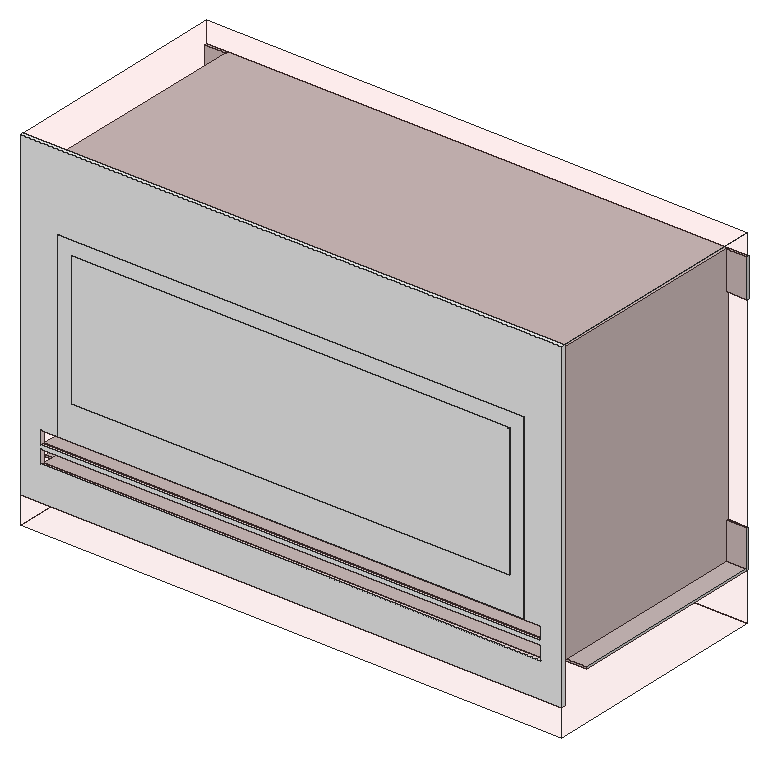
Revit family "Air-Curtain_Customer-Entry_PoweredAire_ECC", category Mechanical Equipment, host Face, Revit 2022
Family settings
  Host = Face
  Round Connector Dimension = Use Diameter
  Part Type = Normal
  OmniClass Number = 23.75.35.17.21
  OmniClass Title = Air Curtains
  Cut with Voids When Loaded = No
  Maintain Annotation Orientation = No
  Shared = No
  Room Calculation Point = No
Parameters
  Warranty Duration (Years) = 0
  Unit Width Notes = "Other Widths available."  # constant formula
  Unit Width = 3' - 3"
  Unit Weight = 0
  Unit Height = 1' - 4 3/4"
  Unit Depth = 1' - 11 1/4"
  URL = "http://www.poweredaire.com/"
  Test Data = ""
  Temperature Rise_Range = "as Specified"
  Standards Conformance = "as Specified"
  Specification = "http://www.arcat.com/sdspecs/htm04/23_34_33pai.htm"
  SpecWizard = ""
  Sound Pressure = "as Specified"
  Sales Information = "http://www.poweredaire.com/contact_us"
  Revision = "R1_2016-08"
  Projection from Host [instance] = 0' - 2"
  Product Properties = ""
  Product Data = "http://www.arcat.com/arcatcos/cos47/arc47623.html"
  Power Rating = 0 W
  Outlet Volume_Range = "as Specified"
  Outlet Velocity_Range = "as Specified"
  Nozzle Width = if(1 = 1, Unit Width - 0' 3", 0' 0")  # 3' - 0"
  Mounting Width = if(1 = 1, Unit Width - 0' 1 1/2", 0' 0")  # 3' - 1 1/2"
  Mounting Height [instance] = 3' - 6"
  Motor RPM = 0
  Motor HP = 0
  Motor Count = 0
  Model = "As Specified"
  Max Height = 0' - 0"
  Manufacturer Website = "http://www.poweredaire.com/"
  Manufacturer Phone - Toll Free = "888-321-2473"
  Manufacturer Phone = "724-588-3305"
  Manufacturer Fax = "724-588-3371"
  Manufacturer Address = "109 Mortensen Rd.  Greenville, PA 16125"
  Manufacturer = "Powered Aire, Inc"
  Maintenance Schedule (Months) = 0
  Keynote = "23 34 33"
  Installation-Fabrication = ""
  Installation Phase = ""
  Include Clearance [instance] = yes
  Heating Element Load = 0 W
  HVAC_Temperature Rise [instance] = 0 °F
  HVAC_Outlet Volume [instance] = 0 CFM
  HVAC_Outlet Velocity Uniformity = 0
  HVAC_Outlet Velocity [instance] = 0 FPM
  Green Building-LEED = "http://www.arcat.com/green/clients/leed_data_47623.html"
  Front Grating Material [instance] = Metal - Steel - PoweredAire - White Perforated
  Frame Finish [instance] = Metal - Steel - PoweredAire - Stainless 304
  Expected Lifespan (Years) = 0
  Electrical_Wattage [instance] = Power Rating + Heating Element Load  # 0 W
  Electrical_Voltage [instance] = 0 V
  Electrical_Phase [instance] = 1
  Electrical_Frequency [instance] = 0 Hz
  Electrical_Amperage [instance] = 0 A
  Drawn By = "Sumex Design, Inc. / Robert S. Weygant, CSI, CDT, SCIP"
  Description = "Powered Aire Air Curtain as Specified"
  Default Elevation = 0' - 0"  # constant formula
  Cover Finish [instance] = Metal - Steel - PoweredAire - White
  Copyright = "©Arcat Inc."
  Construction Details = "http://www.arcat.com/details/powair/prod3336.html"
  Clearance_Top [instance] = 0' - 0"
  Clearance_Side B [instance] = 0' - 0"
  Clearance_Side A [instance] = 0' - 0"
  Clearance_Intake [instance] = 0' - 0"
  Clearance_Front [instance] = 0' - 0"
  Clearance Material [instance] = ARCAT Clearance
  Building Codes = ""
  Available Options [instance] = "as Specified"
  Assembly Code = "D3090400"
Reference planes (in)
  plane 1 "Center (Elevation)": y = 8.51318
  plane 2: z = 0
  plane 3 "Center (Left/Right)": x = 0
  plane 4: y = 16.88818
  plane 5: y = 0.13818
  plane 6: x = -19.5
  plane 7: x = 19.5
  plane 8: z = 25.25
  plane 9 "FF": y = -41.86182
  plane 10: z = 2
  plane 11: x = 18
  plane 12: x = -18
  plane 13: y = 16.88818
  plane 14: y = 0.13818
  plane 15: x = -19.5
  plane 16: x = 19.5
  plane 17: z = 25.25
  plane 18: y = 0.38818
Forms (in)
  Extrusion 1, solid, material "ARCAT Clearance" <- "Clearance Material", visible <- "Include Clearance"
    sketch origin (0, 0, 0) x (0, 1, 0) y (0, 0, 1)
      loop
        line (0.13818, 25.25) -> (0.13818, 0) -> (16.88818, 0) -> (16.88818, 25.25) -> (0.13818, 25.25)
    from -19.5 to 19.5
  Extrusion 2, solid, material "Metal - Steel - PoweredAire - White" <- "Cover Finish"
    sketch origin (0, 8.51318, 0) x (1, 0, 0) y (0, 0, 1)
      loop
        line (-19.5, 25.25) -> (-19.5, 2) -> (19.5, 2) -> (19.5, 25.25) -> (-19.5, 25.25)
    from 8.125 to 8.375
  Extrusion 3, solid, material "Metal - Steel - PoweredAire - Stainless 304" <- "Frame Finish"
    sketch origin (0, 8.51318, 0) x (1, 0, 0) y (0, 0, 1)
      loop
        line (18, 23.75) -> (-18, 23.75) -> (-18, 3.5) -> (18, 3.5) -> (18, 23.75)
    from -8.375 to 8.125
  Extrusion 4, void
    sketch origin (0, 0, 0) x (0, 1, 0) y (0, 0, 1)
      loop
        line (0.13818, 5.5) -> (0.13818, 4.5) -> (1.88818, 4.5) -> (1.88818, 6.75) -> (0.13818, 6.75) -> (0.13818, 5.75) -> (1.63818, 5.75) -> (1.63818, 5.5) -> (0.13818, 5.5)
    from -18 to 18
  Extrusion 5, solid, material "Metal - Steel - PoweredAire - White" <- "Cover Finish"
    sketch origin (-11.83813, 0.13818, 48) x (-1, 0, 0) y (0, 0, 1)
      loop
        line (4.91187, -41.25) -> (4.91187, -28.25) -> (-28.58813, -28.25) -> (-28.58813, -41.25) -> (4.91187, -41.25)
    from 0 to -0.03125
  Extrusion 6, solid, material "Metal - Steel - PoweredAire - White Perforated" <- "Front Grating Material"
    sketch origin (-11.83813, 0.10693, 48) x (1, 0, 0) y (0, 0, 1)
      loop
        line (-3.91187, -29.25) -> (-3.91187, -38.75) -> (27.58813, -38.75) -> (27.58813, -29.25) -> (-3.91187, -29.25)
    from 0 to 0.03125
  Extrusion 7, solid, material "Metal - Steel - PoweredAire - Stainless 304" <- "Frame Finish"
    sketch origin (-15.17702, -180, 2) x (-1, 0, 0) y (0, -1, 0)
      loop
        line (-33.17702, -196.88818) -> (-33.17702, -182.38818) -> (-34.67702, -182.38818) -> (-34.67702, -196.88818) -> (-33.17702, -196.88818)
      loop
        line (2.82298, -196.88818) -> (4.32298, -196.88818) -> (4.32298, -182.38818) -> (2.82298, -182.38818) -> (2.82298, -196.88818)
    from 1.5 to 1.625
  Extrusion 8, solid, material "Metal - Steel - PoweredAire - Stainless 304" <- "Frame Finish"
    sketch origin (-11.83813, 16.88818, 48) x (-1, 0, 0) y (0, 0, 1)
      loop
        line (7.66187, -44.5) -> (7.66187, -41.75) -> (6.16187, -41.75) -> (6.16187, -44.5) -> (7.66187, -44.5)
      loop
        line (-31.33813, -44.5) -> (-29.83813, -44.5) -> (-29.83813, -41.75) -> (-31.33813, -41.75) -> (-31.33813, -44.5)
      loop
        line (7.66187, -27) -> (7.66187, -24.25) -> (6.16187, -24.25) -> (6.16187, -27) -> (7.66187, -27)
      loop
        line (-31.33813, -27) -> (-29.83813, -27) -> (-29.83813, -24.25) -> (-31.33813, -24.25) -> (-31.33813, -27)
    from 0 to -0.125
Cuts and joins
  Extrusion 4 cuts Extrusion 2
  Extrusion 4 cuts Extrusion 3
Dimensions and locks (in)
  equal spacing: plane 4, plane 1 "Center (Elevation)", plane 5
  "Unit Height": plane 4 to plane 5
  equal spacing: plane 6, plane 3 "Center (Left/Right)", plane 7
  "Unit Width": plane 6 to plane 7
  "Mounting Height": plane 5 to plane 9 "FF"
  "Projection from Host": plane 10 to level
  "Unit Depth": plane 8 to plane 10
  locked: plane 6 to plane 12 at 1.5
  locked: plane 11 to plane 7 at 1.5
  "Clearance_Side A": plane 7 to plane 16
  "Clearance_Side B": plane 15 to plane 6
  "Clearance_Top": plane 13 to plane 4
  "Clearance_Intake": plane 5 to plane 14
  "Clearance_Front": plane 17 to plane 8
  locked: plane 8 to Extrusion 3 sketch curve at 1.5
  locked: Extrusion 3 sketch curve to plane 10 at 1.5
  locked: plane 7 to Extrusion 3 sketch curve at 1.5
  locked: Extrusion 3 sketch curve to plane 6 at 1.5
  locked: plane 18 to plane 5 at 0.25
  Extrusion 4 sketch curve to Extrusion 4 sketch curve to Extrusion 4 sketch curve to Extrusion 4 sketch curve to plane 10 = 0' - 1" locked, 0' - 0 1/4" locked, 0' - 1" locked, 0' - 2 1/2" locked
  Extrusion 5 sketch curve to Extrusion 5 sketch curve to plane 10 = 1' - 1" locked, 0' - 4 3/4" locked
  locked: plane 11 to Extrusion 5 sketch curve at 1.25
  locked: Extrusion 5 sketch curve to plane 12 at 1.25
  Extrusion 6 sketch curve to Extrusion 6 sketch curve to plane 10 = 0' - 9 1/2" locked, 0' - 7 1/4" locked
  locked: Extrusion 6 sketch curve to plane 12 at 2.25
  locked: plane 11 to Extrusion 6 sketch curve at 2.25
  locked: plane 4 to Extrusion 7 sketch curve at 14.5  (x2)
  Extrusion 8 sketch curve to Extrusion 8 sketch curve to Extrusion 8 sketch curve to Extrusion 8 sketch curve to plane 10 = 0' - 2 3/4" locked, 1' - 2 3/4" locked, 0' - 2 3/4" locked, 0' - 1 1/2" locked  (x2)
  aligned and locked: plane 2 to host face
  aligned and locked: level to host face
  aligned and locked: Extrusion 1 sketch curve to plane 17
  aligned and locked: plane 14 to Extrusion 1 sketch curve
  aligned and locked: level to Extrusion 1 sketch curve
  aligned and locked: Extrusion 1 sketch curve to plane 13
  aligned and locked: plane 16 to Extrusion 1
  aligned and locked: Extrusion 1 to plane 15
  aligned and locked: Extrusion 2 sketch curve to plane 8
  aligned and locked: plane 6 to Extrusion 2 sketch curve
  aligned and locked: Extrusion 2 sketch curve to plane 10
  aligned and locked: Extrusion 2 sketch curve to plane 7
  aligned and locked: Extrusion 3 to plane 4
  aligned and locked: Extrusion 3 to plane 18
  aligned and locked: Extrusion 2 to plane 18
  aligned and locked: Extrusion 2 to plane 5
  aligned and locked: plane 11 to Extrusion 4
  aligned and locked: Extrusion 4 to plane 12
  aligned and locked: Extrusion 7 sketch curve to plane 4  (x2)
Automatic sketch dimensions
  host sketch curve to host sketch curve = 8' - 0"  (x2)
  Extrusion 4 sketch curve to plane 5 = 0' - 0"  (x2)
  plane 18 to Extrusion 4 sketch curve = 0' - 1 1/4"
  Extrusion 4 sketch curve to Extrusion 4 sketch curve = 0' - 0 1/4"
  Extrusion 7 sketch curve to plane 7 = 0' - 0"
  Extrusion 7 sketch curve to plane 11 = 0' - 0"
  Extrusion 7 sketch curve to plane 12 = 0' - 0"
  Extrusion 7 sketch curve to plane 6 = 0' - 0"
  Extrusion 8 sketch curve to plane 7 = 0' - 0"  (x2)
  Extrusion 8 sketch curve to plane 11 = 0' - 0"  (x2)
  Extrusion 8 sketch curve to plane 12 = 0' - 0"  (x2)
  Extrusion 8 sketch curve to plane 6 = 0' - 0"  (x2)
Connectors (in)
  electrical at (-18, 4.88818, 9.625), driven by "Electrical_Voltage", driven by "Electrical_Phase"
    settings: on cut or joined group of Extrusion 3, Extrusion 4, index 1, voltage 0 V, apparent load 0 VA, apparent load phase1 0 VA, apparent load phase2 0 VA, apparent load phase3 0 VA, power factor 1, load classification "Other", number of poles 1, system type 31, power factor state 1, is connector primary yes, connector utility no, sub classification motor no, connector description ""
